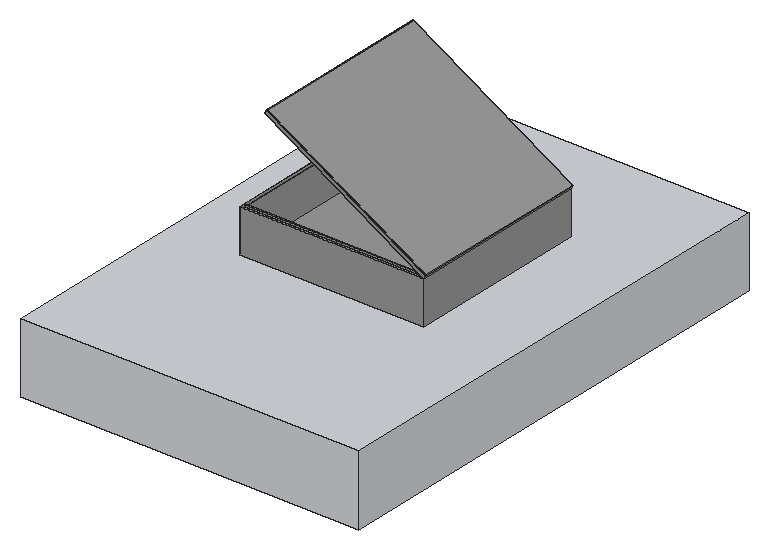
Revit family "Hager-Univers-IP54-D205-H800-Cl.I-Encl-CH-fr", category Equipement électrique, Revit 2020
Family settings
  Hôte = Face
  Configuration du panneau = Deux colonnes, circuits au sein
  Cote de connecteur circulaire = Utiliser le diamètre
  Type d'élément = Tableau de raccordement
  Couper avec des vides une fois chargée = Non
  Partagée = Non
  Point de calcul de pièce = Non
Parameters (values of type "saillie IP54 L800 H800 P205  - FP53TW2")
  Width Control [instance] = if([EF000008 - largeur] > Min Width, [EF000008 - largeur], Min Width)  # 800 mm
  Commentaires du type = [HG000003 - Gamme]  # "Univers"
  Thickness Door [instance] = if([EF009171 - épaisseur de matériau de la porte/du couvercle] > 3 mm, 3 mm, [EF009171 - épaisseur de matériau de la porte/du couvercle])  # 1 mm
  Seal Frame Offset [instance] = 17 mm  # constant formula
  Plinth Visibility [instance] = [HG000027 - Hauteur du socle] > 0 mm  # no
  Model = ""
  Min Width [instance] = 100 mm  # constant formula
  Min Height [instance] = 100 mm  # constant formula
  Min Depth [instance] = (2 * [EF009170 - épaisseur de matériau du boîtier]) + 1 mm  # 3 mm
  Internal Frame Depth [instance] = (Door System Depth * 0.5)  # 9 mm
  Height Control [instance] = if([EF000040 - hauteur] > Min Height, [EF000040 - hauteur], Min Height)  # 800 mm
  HG000027 - Hauteur du socle = 0 mm
  HG000026 - Installation au sol = no
  HG000024 - Hauteur de la section basse = 800 mm
  HG000023 - Armoire double section = no
  HG000016 - Visibilité de la porte 3D [instance] = yes
  HG000015 - Visibilité de l'emprise de la porte [instance] = no
  HG000014 - Porte à droite [instance] = yes
  HG000013 - Porte à gauche [instance] = not([HG000014 - Porte à droite])  # no
  HG000012 - Angle de pivotement de la porte [instance] = 30.00°
  HG000010 - Portes asymétriques = no
  HG000009 - Porte à double battant = no
  HG000006 - Encastré = no
  HG000004 - Référence fabricant = "FP53TW2"
  HG000003 - Gamme = "Univers"
  HG000002 - avec porte = yes
  Frame Offset Bottom [instance] = 10 mm  # constant formula
  Frame Offset [instance] = 15 mm  # constant formula
  EF015940 - couvercle avec décharge de pression = no
  EF011959 - degré de protection (NEMA) = ""
  EF009554 - nombre d'ouvertures pour plaques à bride = 6
  Fabricant = "Hager"  # constant formula
  EF009212 - finition du couvercle = "EV000116 - fermé"
  EF009171 - épaisseur de matériau de la porte/du couvercle = 1 mm
  EF009170 - épaisseur de matériau du boîtier = 1 mm
  EF008873 - courant nominal (In) = 250 A
  EF007800 - adapté à un parafoudre = no
  EF006306 - avec serrure = no
  EF006244 - couvercle/porte transparent(e) = no
  EF005474 - indice de protection (IP) = "EV006419 - IP54"
  EF004464 - type de porte = "EV002646 - unique"
  EF004427 - nombre de modules = 180
  EF004293 - indice de protection contre les chocs (IK) = "EV006815 - IK09"
  EF003532 - convient pour utilisation à l’extérieur = no
  EF002950 - largeur en nombre de modules = 36
  EF001613 - maintien de fonction = "EV000494 - sans"
  EF001596 - matériau du boîtier/corps = "EV000179 - acier"
  EF001131 - profondeur intérieure = 205 mm
  EF001088 - possibilité de montage en saillie = yes
  EF000437 - nombre d'entrées de conduit = 6
  EF000339 - type de capot = "EV001012 - couvercle"
  EF000266 - nombre de rangées = 5
  EF000218 - profondeur d'encastrement = 205 mm
  EF000118 - avec cadre/support de montage = no
  EF000116 - numéro RAL = "9010"
  EF000049 - profondeur = 205 mm
  EF000040 - hauteur = 800 mm
  EF000008 - largeur = 800 mm
  EF000007 - couleur = "EV000202 - blanc"
  EF000003 - mode de pose = "EV000384 - saillie"
  Door System Leaf Tolerance [instance] = 1.5 mm  # constant formula
  Door System Depth [instance] = 18 mm  # constant formula
  Door Height [instance] = Height Control - [HG000027 - Hauteur du socle]  # 800 mm
  Depth Control [instance] = if([EF000049 - profondeur] > Min Depth, [EF000049 - profondeur], Min Depth)  # 205 mm
  Default Elevation = 0 mm
  Connector Offset [instance] = Height Control / 2  # 400 mm
  Bottom Top Plate Trim [instance] = 1.5 mm  # constant formula
  Plinth height Ctrl [instance] = if([HG000027 - Hauteur du socle] > 0 mm, [HG000027 - Hauteur du socle], 12 mm)  # 12 mm
Types (5, lengths in mm): name | Width Control | HG000004 - Référence fabricant | EF009554 - nombre d'ouvertures pour plaques à bride | EF004464 - type de porte | EF004427 - nombre de modules | EF002950 - largeur en nombre de modules | EF000437 - nombre d'entrées de conduit | EF000008 - largeur
  saillie IP54 L1050 H800 P205  - FP54TW2 | 1050 | "FP54TW2" | 8 | "EV003602 - double" | 240 | 48 | 8 | 1050
  saillie IP54 L1300 H800 P205  - FP55TW2 | 1300 | "FP55TW2" | 10 | "EV003602 - double" | 300 | 60 | 10 | 1300
  saillie IP54 L300 H800 P205  - FP51TW2 | 300 | "FP51TW2" | 2 | "EV002646 - unique" | 60 | 12 | 2 | 300
  saillie IP54 L550 H800 P205  - FP52TW2 | 550 | "FP52TW2" | 4 | "EV002646 - unique" | 120 | 24 | 4 | 550
  saillie IP54 L800 H800 P205  - FP53TW2 | 800 | "FP53TW2" | 6 | "EV002646 - unique" | 180 | 36 | 6 | 800
Reference planes
  plane 1 "Center (Front/Back)": y = 0
  plane 2: z = 0
  plane 3 "Center (Left/Right)": x = 0
  plane 4: z = 205
  plane 5: y = 1
  plane 6: y = 400
  plane 7: y = 0
  plane 8: y = 800
  plane 9: z = 0
  plane 10: x = -385
  plane 11: x = 385
  plane 12: x = 384
  plane 13: x = -384
  plane 14: y = 799
  plane 15: x = -383
  plane 16: x = -400
  plane 17: x = 383
  plane 18: x = 400
  plane 19: x = 399
  plane 20: x = -399
  plane 21: y = 11
  plane 22: y = 800
  plane 23: y = 784
  plane 24: z = 187
  plane 25: z = 1
  plane 26: z = 186
  plane 27: z = 204
Forms (mm)
  Extrusion 1, solid
    sketch origin (0, 0, 0) x (1, 0, 0) y (0, 1, 0)
      loop
        line (-702.964, 1305) -> (-702.964, -811.445) -> (766.763, -811.445) -> (766.763, 1305) -> (-702.964, 1305)
    from 0 to -304.8
  Extrusion 2, solid, material "Hager_Steel_RAL7035_Light_Grey", visible <- "Plinth Visibility", detail levels medium+fine
    sketch origin (0, 0, 0) x (1, 0, 0) y (0, 1, 0)
      loop
        line (-400, 0) -> (400, 0) -> (400, 12) -> (-400, 12) -> (-400, 0)
    from 0 to 187
  Extrusion 3, solid, material "Hager_Steel_RAL7035_Light_Grey", detail levels medium+fine
    sketch origin (0, 0, 0) x (1, 0, 0) y (0, 1, 0)
      loop
        line (-400, 0) -> (400, 0) -> (400, 800) -> (-400, 800) -> (-400, 0)
    from 0 to 187
  Extrusion 4, void
    sketch origin (0, 0, 0) x (1, 0, 0) y (0, 1, 0)
      loop
        line (-399, 1) -> (399, 1) -> (399, 799) -> (-399, 799) -> (-399, 1)
    from 1 to 186
  Extrusion 5, void
    sketch origin (-381.607, -4572, 187) x (0, -1, 0) y (-1, 0, 0)
      loop
        line (-4583, 2.393) -> (-5356, 2.393) -> (-5356, -765.607) -> (-4583, -765.607) -> (-4583, 2.393)
    from 0 to 1 <- "EF009170 - épaisseur de matériau du boîtier"
  Extrusion 6, solid, material "Hager_Steel_RAL7035_Light_Grey", detail levels fine
    sketch origin (0, 0, 187) x (1, 0, 0) y (0, 1, 0)
      loop
        line (-384, 784) -> (-384, 11) -> (384, 11) -> (384, 784) -> (-384, 784)
      loop
        line (-385, 10) -> (385, 10) -> (385, 785) -> (-385, 785) -> (-385, 10)
    from 0 to 9 <- "Internal Frame Depth"
  Extrusion 7, solid, material "Hager_Steel_RAL7035_Light_Grey", detail levels coarse
    sketch origin (0, 0, 0) x (1, 0, 0) y (0, 1, 0)
      loop
        line (-400, 0) -> (400, 0) -> (400, 800) -> (-400, 800) -> (-400, 0)
    from 0 to 205
  Sweep 8, void
    path in 3D
      loop
        line (-400, 12, 0) -> (400, 12, 0) -> (400, 12, 187) -> (-400, 12, 187) -> (-400, 12, 0)
    profile origin (-400, 12, 93.5) x (-1, 0, 0) y (0, -1, 0)
      loop
        line (0, 0) -> (0, 1.5) -> (-1.5, 1.5)
        arc (-1.5, 1.5) -> (-1.061, 0.439) -> (0, 0) r 1.5
Cuts and joins
  Extrusion 4, Extrusion 5 cuts Extrusion 3
  Sweep 8 cuts Extrusion 2
Lines and regions (mm)
  Masking region 1
    outline origin (0, 0, 0) x (1, 0, 0) y (0, 0, 1)
      loop
        line (-400, 205) -> (-400, 0) -> (400, 0) -> (400, 205) -> (-400, 205)
  Masking region 2, detail levels medium+fine
    outline origin (0, 140, 0) x (0, 1, 0) y (0, 0, 1)
      loop
        line (-140, 0) -> (660, 0) -> (660, 187) -> (-140, 187) -> (-140, 0)
  Masking region 3, not visible, detail levels medium+fine
    outline origin (0, 297.922, 0) x (0, 1, 0) y (0, 0, 1)
      loop
        line (113.578, 0) -> (153.578, 0) -> (153.578, 194)
        arc (153.578, 194) -> (150.649, 201.071) -> (143.578, 204) r 10
        line (143.578, 204) -> (113.578, 204) -> (113.578, 0)
  Masking region 4, detail levels coarse
    outline origin (0, 0, 180) x (0, 1, 0) y (0, 0, 1)
      loop
        line (0, -180) -> (800, -180) -> (800, 25) -> (0, 25) -> (0, -180)
  Masking region 5, visible <- "Plinth Visibility", detail levels medium+fine
    outline origin (0, 52.24, 12.345) x (0, 0, -1) y (0, 1, 0)
      loop
        line (10.845, -40.24) -> (-173.155, -40.24)
        arc (-173.155, -40.24) -> (-173.594, -41.301) -> (-174.655, -41.74) r 1.5
        line (-174.655, -41.74) -> (-174.655, -52.24) -> (12.345, -52.24) -> (12.345, -41.74)
        arc (12.345, -41.74) -> (11.285, -41.301) -> (10.845, -40.24) r 1.5
  Masking region 6, detail levels medium+fine
    outline origin (-381.607, -4572, 187) x (-1, 0, 0) y (0, -1, 0)
      loop
        line (18.393, -5372) -> (18.393, -4572) -> (-781.607, -4572) -> (-781.607, -5372) -> (18.393, -5372)
  Masking region 7, visible <- "Plinth Visibility", detail levels medium+fine
    outline origin (-381.607, -4727, 187) x (-1, 0, 0) y (0, -1, 0)
      loop
        arc (16.893, -4739) -> (17.332, -4737.939) -> (18.393, -4737.5) r 1.5
        line (18.393, -4737.5) -> (18.393, -4727) -> (-781.607, -4727) -> (-781.607, -4737.5)
        arc (-781.607, -4737.5) -> (-780.546, -4737.939) -> (-780.107, -4739) r 1.5
        line (-780.107, -4739) -> (16.893, -4739)
  Masking region 8, detail levels coarse
    outline origin (-442.548, -4669.526, 187) x (-1, 0, 0) y (0, -1, 0)
      loop
        line (-42.548, -5469.526) -> (-42.548, -4669.526) -> (-842.548, -4669.526) -> (-842.548, -5469.526) -> (-42.548, -5469.526)
  sketch lines
    curve 1: line (-400, 12, 187) -> (-400, 12, 0)
    curve 2: line (400, 12, 187) -> (-400, 12, 187)
    curve 3: line (400, 12, 187) -> (400, 12, 0)
    curve 4: line (-400, 12, 0) -> (400, 12, 0)
Dimensions and locks
  "Depth Control": plane 4 to Extrusion 1
  "HG000027 - Hauteur du socle": plane 1 "Center (Front/Back)" to plane 7
  "EF009170 - épaisseur de matériau du boîtier": plane 5 to plane 7
  locked: connector elem to plane 3 "Center (Left/Right)"
  equal spacing: plane 8, plane 6, plane 7
  locked: connector elem to plane 6
  "EF009170 - épaisseur de matériau du boîtier": plane 8 to plane 14
  "EF009170 - épaisseur de matériau du boîtier": plane 10 to plane 13
  "EF009170 - épaisseur de matériau du boîtier": plane 12 to plane 11
  "Frame Offset": plane 20 to plane 13
  "Frame Offset": plane 12 to plane 19
  "EF009170 - épaisseur de matériau du boîtier": plane 16 to plane 20
  "EF009170 - épaisseur de matériau du boîtier": plane 19 to plane 18
  "Seal Frame Offset": plane 16 to plane 15
  "Seal Frame Offset": plane 17 to plane 18
  "Frame Offset Bottom": plane 21 to plane 5
  "Frame Offset": plane 14 to plane 23
  equal spacing: plane 16, plane 3 "Center (Left/Right)", plane 18
  "Width Control": plane 16 to plane 18
  "EF009170 - épaisseur de matériau du boîtier": plane 4 to plane 27
  "EF009170 - épaisseur de matériau du boîtier": plane 24 to plane 26
  "EF009170 - épaisseur de matériau du boîtier": plane 25 to level
  "Door System Depth": plane 4 to plane 24
  "Height Control": plane 1 "Center (Front/Back)" to Extrusion 7 sketch curve
  "Height Control": Masking region 4 sketch curve to plane 1 "Center (Front/Back)"
  "Height Control": plane 1 "Center (Front/Back)" to plane 22
  "Bottom Top Plate Trim": profile plane to Sweep 8 sketch curve
  "Bottom Top Plate Trim": Sweep 8 sketch curve to profile plane
  "Plinth height Ctrl": plane 1 "Center (Front/Back)" to Extrusion 2 sketch curve
  "Plinth height Ctrl": Masking region 5 sketch curve to plane 1 "Center (Front/Back)"
  "Plinth height Ctrl": plane 1 "Center (Front/Back)" to Masking region 7 sketch curve
  "Thickness Door": Extrusion 6 sketch curve to Extrusion 6 sketch curve  (x3)
  "Thickness Door": cut or joined group of Extrusion 3, Extrusion 4, Extrusion 5 to Extrusion 6 sketch curve
  radius of Masking region 3 sketch curve = 10 mm
  "Bottom Top Plate Trim": radius of Masking region 5 sketch curve  (x2)
  "Bottom Top Plate Trim": radius of Sweep 8 sketch curve
  "Bottom Top Plate Trim": radius of Masking region 7 sketch curve  (x2)
  aligned and locked: plane 2 to Extrusion 1
  aligned and locked: level to Extrusion 1
  aligned and locked: level to Masking region 1 sketch curve
  aligned and locked: Masking region 1 sketch curve to plane 18
  aligned and locked: Masking region 1 sketch curve to plane 16
  aligned and locked: plane 7 to Masking region 2 sketch curve
  aligned and locked: level to Masking region 3 sketch curve
  aligned and locked: Masking region 3 sketch curve to plane 27
  aligned and locked: level to Masking region 2 sketch curve
  aligned and locked: plane 1 "Center (Front/Back)" to Extrusion 2 sketch curve
  aligned and locked: Extrusion 3 sketch curve to plane 7
  aligned and locked: plane 16 to Extrusion 3 sketch curve
  aligned and locked: plane 18 to Extrusion 3 sketch curve
  aligned and locked: plane 20 to Extrusion 4 sketch curve
  aligned and locked: plane 19 to Extrusion 4 sketch curve
  aligned and locked: Extrusion 4 sketch curve to plane 5
  aligned and locked: Extrusion 4 to plane 25
  aligned and locked: plane 26 to Extrusion 4
  aligned and locked: plane 24 to Extrusion 3
  aligned and locked: Extrusion 5 sketch curve to plane 21
  aligned and locked: Extrusion 5 sketch curve to plane 13
  aligned and locked: Extrusion 5 sketch curve to plane 12
  aligned and locked: plane 18 to Extrusion 7 sketch curve
  aligned and locked: plane 1 "Center (Front/Back)" to Extrusion 7 sketch curve
  aligned and locked: plane 16 to Extrusion 7 sketch curve
  aligned and locked: plane 4 to Extrusion 7
  aligned and locked: Extrusion 7 to level
  aligned and locked: level to Masking region 4 sketch curve
  aligned and locked: Masking region 4 sketch curve to plane 1 "Center (Front/Back)"
  aligned and locked: Masking region 4 sketch curve to plane 4
  aligned and locked: nested 1 to level
  aligned and locked: nested 1 to plane 16
  aligned and locked: plane 8 to Extrusion 3 sketch curve
  aligned and locked: plane 23 to Extrusion 5 sketch curve
  aligned and locked: plane 14 to Extrusion 4 sketch curve
  aligned and locked: Masking region 2 sketch curve to plane 8
  aligned and locked: level to Masking region 5 sketch curve
  aligned and locked: plane 16 to Extrusion 2 sketch curve
  aligned and locked: plane 18 to Extrusion 2 sketch curve
  aligned and locked: Masking region 5 sketch curve to plane 24
  aligned and locked: Masking region 2 sketch curve to plane 24
  aligned and locked: plane 24 to Extrusion 2
  aligned and locked: profile plane to Sweep 8 sketch curve  (x2)
  aligned and locked: Masking region 6 sketch curve to plane 18
  aligned and locked: Masking region 6 sketch curve to plane 22
  aligned and locked: Masking region 6 sketch curve to plane 16
  aligned and locked: plane 8 to plane 22
  aligned and locked: Masking region 6 sketch curve to plane 7
  aligned and locked: Masking region 7 sketch curve to plane 16
  aligned and locked: Masking region 7 sketch curve to plane 1 "Center (Front/Back)"
  aligned and locked: Masking region 7 sketch curve to plane 18
  aligned and locked: Masking region 8 sketch curve to plane 1 "Center (Front/Back)"
  aligned and locked: Masking region 8 sketch curve to plane 18
  aligned and locked: Masking region 8 sketch curve to plane 22
  aligned and locked: Masking region 8 sketch curve to plane 16
  aligned and locked: nested 2 to plane 7
  aligned and locked: plane 3 "Center (Left/Right)" to nested 2
  aligned and locked: nested 2 to plane 24
  aligned and locked: Extrusion 6 sketch curve to cut or joined group of Extrusion 3, Extrusion 4, Extrusion 5  (x4)
Automatic sketch dimensions
  Extrusion 1 sketch curve to Extrusion 1 sketch curve = 1469.727 mm
  Extrusion 1 sketch curve to Extrusion 1 sketch curve = 2116.445 mm
  Masking region 1 sketch curve to plane 4 = 0 mm
  plane 6 to Masking region 3 sketch curve = 11.5 mm
  Masking region 3 sketch curve to Masking region 3 sketch curve = 30 mm
  Masking region 5 sketch curve to plane 1 "Center (Front/Back)" = 0 mm
Nested families
  nested 1: "Hager_Enclosure_Symbol" at (-400, 0, 0) x (1, 0, 0) z (0, -1, 0), Height <- "Depth Control", Width <- "Width Control", type "Hager_Enclosure_Symbol"
    with Width_Ctrl 800 mm, Width 800 mm, Height_Ctrl 205 mm, Height 205 mm, A_Width_Int 13.453 mm, A_Width 161.438 mm, A_Height_Ctrl 179.375 mm, A_Height 179.375 mm
  nested 2: "EC000058_Univers_Door" at (0, 0, 187) x (1, 0, 0) z (0, 1, 0), Leaf_Tolerance <- "Door System Leaf Tolerance", Angle <- "HG000012 - Angle de pivotement de la porte", Door_Depth <- "Door System Depth", Door_Left <- "HG000013 - Porte à gauche", Transparent <- "EF006244 - couvercle/porte transparent(e)", Assymetrical <- "HG000010 - Portes asymétriques", Width <- "Width Control", Clearance <- "HG000015 - Visibilité de l'emprise de la porte", Double <- "HG000009 - Porte à double battant", 3d_Door <- "HG000016 - Visibilité de la porte 3D", Lock_Visibility <- "EF006306 - avec serrure", Width_Ctrl <- "Width Control", Door_Right <- "HG000014 - Porte à droite", Door <- "HG000002 - avec porte", Height <- "Door Height", Thickness <- "Thickness Door", type "EC000058_Univers_Door", detail levels medium+fine
    with min_wh 3 mm, Width_Ctrl 800 mm, Width 800 mm, Transparent no, Thickness 1 mm, Seal_Material Hager_Rubber, Lock_Visibility no, Lock_Material Hager_Plastic_RAL9005_Jet_Black, Leaf_Width 800 mm, Leaf_Tolerance_External_Sides 0 mm, Leaf_Tolerance 1.5 mm, Leaf_Offset 0 mm, Leaf_Height 797 mm, Leaf_2_Width 800 mm, Leaf_2_Offset 400 mm, Leaf_1_Width 800 mm, Leaf_1_Offset 400 mm, Height_Ctrl 800 mm, Height 800 mm, Glass_Material Hager_Glass, Double_Clearance_Ctrl no, Double no, Door_Right_Ctrl yes, Door_Right yes, Door_Material Hager_Steel_RAL7035_Light_Grey, Door_Left_Ctrl no, Door_Left no, Door_Depth 18 mm, Door yes, Clearance_Material Hager_Clearance, Clearance_Depth 800 mm, Clearance_Ctrl no, Clearance no, Assymetrical no, Angle 30.00°, 3d_Door yes
Connectors
  electrical at (0, 400, 0)
    settings: on plane 9, index 1, voltage 0 V, apparent load 0 VA, apparent load phase1 0 VA, apparent load phase2 0 VA, apparent load phase3 0 VA, power factor 1, load classification "Other", number of poles 1, system type 30, power factor state 1, is connector primary yes, connector utility no, sub classification motor no, connector description ""
Definition of nested family "EC000058_Univers_Door"
  Parameters (values of type "EC000058_Univers_Door")
    min_wh [instance] = (2 * Thickness) + 1 mm  # 11 mm
    Width_Ctrl [instance] = 400 mm
    Width [instance] = 500 mm
    Transparent [instance] = yes
    Thickness [instance] = 5 mm
    Seal_Material [instance] = none
    Lock_Visibility [instance] = yes
    Lock_Material [instance] = none
    Leaf_Width [instance] = if((Width_Ctrl - 2 * Leaf_Tolerance_External_Sides) > 0 mm, (Width_Ctrl - 2 * Leaf_Tolerance_External_Sides), min_wh)  # 400 mm
    Leaf_Tolerance_External_Sides [instance] = 0 mm  # constant formula
    Leaf_Tolerance [instance] = 1.5 mm
    Leaf_Offset [instance] = 0 mm  # constant formula
    Leaf_Height [instance] = if((Height_Ctrl - 2 * Leaf_Tolerance) > 0 mm, (Height_Ctrl - 2 * Leaf_Tolerance), min_wh)  # 497 mm
    Leaf_2_Width [instance] = if(and(and(Double, Assymetrical), Door_Left), (Leaf_Width / 3) - (Leaf_Tolerance / 2), if(and(and(Double, Assymetrical), Door_Right), (Leaf_Width / 3) * 2 - (Leaf_Tolerance / 2), if(and(Double, not(Assymetrical)), (Leaf_Width / 2) - Leaf_Tolerance, Leaf_Width)))  # 400 mm
    Leaf_2_Offset [instance] = if(and(Double, Assymetrical), Leaf_2_Width / 2, if(and(Double, not(Assymetrical)), Leaf_Width / 4, Leaf_Width / 2))  # 200 mm
    Leaf_1_Width [instance] = if(and(and(Double, Assymetrical), Door_Right), (Leaf_Width / 3) - (Leaf_Tolerance / 2), if(and(and(Double, Assymetrical), Door_Left), (Width / 3) * 2 - (Leaf_Tolerance / 2), if(and(Double, not(Assymetrical)), (Leaf_Width / 2) - Leaf_Tolerance, Leaf_Width)))  # 400 mm
    Leaf_1_Offset [instance] = if(and(Double, Assymetrical), Leaf_1_Width / 2, if(and(Double, not(Assymetrical)), Leaf_Width / 4, Leaf_Width / 2))  # 200 mm
    Height_Ctrl [instance] = if(Height > min_wh, Height, min_wh)  # 500 mm
    Height [instance] = 500 mm
    Glass_Material [instance] = none
    Double_Clearance_Ctrl [instance] = and(Double, Clearance)  # no
    Double [instance] = no
    Door_Right_Ctrl [instance] = and(or(Door_Right, Double), Door)  # yes
    Door_Right [instance] = yes
    Door_Material [instance] = none
    Door_Left_Ctrl [instance] = and(or(Door_Left, Double), Door)  # no
    Door_Left [instance] = no
    Door_Depth [instance] = 30 mm
    Door [instance] = yes
    Default Elevation = 1219.2 mm
    Clearance_Material [instance] = none
    Clearance_Depth [instance] = if(Leaf_1_Width > Leaf_2_Width, Leaf_1_Width, Leaf_2_Width)  # 400 mm
    Clearance_Ctrl [instance] = and(not(Double), Clearance)  # yes
    Clearance [instance] = yes
    Assymetrical [instance] = yes
    Angle [instance] = 30.00°
    3d_Door [instance] = yes
  Reference planes
    plane 1 "Center (Front/Back)": y = 0
    plane 2 "Bottom": z = 0
    plane 3 "Center (Left/Right)": x = 0
    plane 4: z = 500
    plane 5: x = -200
    plane 6: x = 200
    plane 7: z = 500
    plane 8: x = -200
    plane 9: z = 0
    plane 10: x = 200
    plane 11: y = 0
    plane 12: z = 1.5
    plane 13: x = -600
    plane 14: y = -400
    plane 15: x = 600
    plane 16: x = 0
    plane 17: x = 0
    plane 18: x = -200
    plane 19: x = 200
    plane 20: z = 498.5
  Forms (mm)
    Extrusion 1, solid, material <- "Clearance_Material", visible <- "Double_Clearance_Ctrl"
      sketch origin (1200, 0, 0) x (1, 0, 0) y (0, 0, -1)
        loop
          line (-1800, -498.5) -> (-600, -498.5) -> (-600, 0) -> (-1800, 0) -> (-1800, -498.5)
      from 0 to -400
  Dimensions and locks
    equal spacing: plane 5, plane 3 "Center (Left/Right)", plane 6
    "Width_Ctrl": plane 5 to plane 6
    "Leaf_Offset": plane 5 to plane 8
    "Leaf_Offset": plane 6 to plane 10
    "Leaf_Offset": plane 9 to level
    "Leaf_Offset": plane 4 to plane 7
    "Height_Ctrl": plane 4 to level
    "Leaf_Tolerance": plane 12 to plane 9
    locked: plane 11 to plane 1 "Center (Front/Back)"
    "Leaf_1_Offset": plane 18 to plane 16
    "Leaf_2_Offset": plane 17 to plane 19
    "Leaf_1_Width": plane 13 to plane 8
    "Leaf_2_Width": plane 10 to plane 15
    "Clearance_Depth": plane 14 to plane 1 "Center (Front/Back)"
    "Leaf_Tolerance_External_Sides": plane 8 to plane 18
    "Leaf_Tolerance_External_Sides": plane 19 to plane 10
    "Leaf_Tolerance": plane 7 to plane 20
    aligned and locked: level to plane 2 "Bottom"
    aligned and locked: nested 1 to plane 16
    aligned and locked: nested 2 to plane 17
    aligned and locked: Extrusion 1 to plane 13
    aligned and locked: plane 15 to Extrusion 1
    aligned and locked: Extrusion 1 to plane 14
    aligned and locked: plane 12 to nested 1
    aligned and locked: nested 2 to plane 12
    aligned and locked: Extrusion 1 to plane 11
    aligned and locked: plane 20 to Extrusion 1
    aligned and locked: nested 2 to plane 11
    aligned and locked: nested 1 to plane 11
  Automatic sketch dimensions
    Extrusion 1 sketch curve to level = 0 mm
    plane 5 to Extrusion 1 sketch curve = 400 mm
    plane 6 to Extrusion 1 sketch curve = 400 mm
    Extrusion 1 sketch curve to plane 4 = 1.5 mm
  Nested families
    nested 1: "EC000058_Univers_Door_Leaf" at (0, 0, 1.5), Width <- "Leaf_1_Width", visible <- "Door_Left_Ctrl", Leaf_Height <- "Leaf_Height", Angle <- "Angle", 3d_Door <- "3d_Door", Transparent <- "Transparent", Clearance Material <- "Clearance_Material", Clearance <- "Clearance_Ctrl", Door_Material <- "Door_Material", Glass_Material <- "Glass_Material", Door_Depth <- "Door_Depth", Lock_Material <- "Lock_Material", Seal_Material <- "Seal_Material", Lock_Visibility <- "Lock_Visibility", Thickness <- "Thickness", type "EC000058_Univers_Door_Leaf"
      with Width 400 mm, Transparent_Glass_Offset 30 mm, Transparent_Ctrl yes, Transparent yes, Thickness 5 mm, Standard no, Seal_Material none, Seal_D2 8 mm, Seal_D1 1 mm, Offset_Internal_Frame 10 mm, Lock_Width 20 mm, Lock_Visibility_3d yes, Lock_Visibility yes, Lock_Thickness_3 3 mm, Lock_Thickness_2 1 mm, Lock_Thickness_1 3 mm, Lock_Radius_Offset_2 16 mm, Lock_Radius_Offset_1 15 mm, Lock_Radius_2 5 mm, Lock_Radius 6 mm, Lock_Offset 5 mm, Lock_Material none, Lock_Height 80 mm, Lock_Cover_Top_Offset_2d 17 mm, Lock_Cover_Height -65 mm, Leaf_Height 497 mm, Internal_Seal_Thickness 8 mm, Internal_Seal_Depth_2 4.5 mm, Internal_Frame_Depth 25 mm, Glass_Thickness -1 mm, Glass_Offset -2 mm, Glass_Material none, Door_Material none, Door_Depth 30 mm, Clearance Material none, Clearance yes, Angle_Ctrl 30.00°, Angle 30.00°, 3d_Door yes
    nested 2: "EC000058_Univers_Door_Leaf" at (0, 0, 1.5) x (-1, 0, 0) z (0, 0, 1), Width <- "Leaf_2_Width", visible <- "Door_Right_Ctrl", Leaf_Height <- "Leaf_Height", Angle <- "Angle", 3d_Door <- "3d_Door", Transparent <- "Transparent", Clearance Material <- "Clearance_Material", Clearance <- "Clearance_Ctrl", Door_Material <- "Door_Material", Glass_Material <- "Glass_Material", Door_Depth <- "Door_Depth", Lock_Material <- "Lock_Material", Seal_Material <- "Seal_Material", Lock_Visibility <- "Lock_Visibility", Thickness <- "Thickness", type "EC000058_Univers_Door_Leaf"
      with Width 400 mm, Transparent_Glass_Offset 30 mm, Transparent_Ctrl yes, Transparent yes, Thickness 5 mm, Standard no, Seal_Material none, Seal_D2 8 mm, Seal_D1 1 mm, Offset_Internal_Frame 10 mm, Lock_Width 20 mm, Lock_Visibility_3d yes, Lock_Visibility yes, Lock_Thickness_3 3 mm, Lock_Thickness_2 1 mm, Lock_Thickness_1 3 mm, Lock_Radius_Offset_2 16 mm, Lock_Radius_Offset_1 15 mm, Lock_Radius_2 5 mm, Lock_Radius 6 mm, Lock_Offset 5 mm, Lock_Material none, Lock_Height 80 mm, Lock_Cover_Top_Offset_2d 17 mm, Lock_Cover_Height -65 mm, Leaf_Height 497 mm, Internal_Seal_Thickness 8 mm, Internal_Seal_Depth_2 4.5 mm, Internal_Frame_Depth 25 mm, Glass_Thickness -1 mm, Glass_Offset -2 mm, Glass_Material none, Door_Material none, Door_Depth 30 mm, Clearance Material none, Clearance yes, Angle_Ctrl 30.00°, Angle 30.00°, 3d_Door yes
  Definition of nested family "EC000058_Univers_Door_Leaf"
    Parameters (values of type "EC000058_Univers_Door_Leaf")
      Width [instance] = 2000 mm
      Transparent_Glass_Offset [instance] = 30 mm
      Transparent_Ctrl [instance] = and(Transparent, [3d_Door])  # yes
      Transparent [instance] = yes
      Thickness [instance] = 5 mm
      Standard [instance] = and(not(Transparent), [3d_Door])  # no
      Seal_Material [instance] = none
      Seal_D2 [instance] = 8 mm  # constant formula
      Seal_D1 [instance] = 1 mm  # constant formula
      Offset_Internal_Frame [instance] = 10 mm  # constant formula
      Lock_Width [instance] = 20 mm  # constant formula
      Lock_Visibility_3d [instance] = and(Lock_Visibility, [3d_Door])  # yes
      Lock_Visibility [instance] = yes
      Lock_Thickness_3 [instance] = 3 mm  # constant formula
      Lock_Thickness_2 [instance] = 1 mm  # constant formula
      Lock_Thickness_1 [instance] = 3 mm  # constant formula
      Lock_Radius_Offset_2 [instance] = Lock_Radius_Offset_1 + 1 mm  # 16 mm
      Lock_Radius_Offset_1 [instance] = 15 mm  # constant formula
      Lock_Radius_2 [instance] = Lock_Radius - 1 mm  # 5 mm
      Lock_Radius [instance] = 6 mm  # constant formula
      Lock_Offset [instance] = 5 mm  # constant formula
      Lock_Material [instance] = none
      Lock_Height [instance] = 80 mm  # constant formula
      Lock_Cover_Top_Offset_2d [instance] = Lock_Radius_Offset_2 + 1 mm  # 17 mm
      Lock_Cover_Height [instance] = -(Lock_Height - Lock_Radius_Offset_1)  # -65 mm
      Leaf_Height [instance] = 2720.336 mm
      Internal_Seal_Thickness [instance] = 8 mm  # constant formula
      Internal_Seal_Depth_2 [instance] = 4.5 mm  # constant formula
      Internal_Frame_Depth [instance] = if(Door_Depth - Thickness > 5 mm, Door_Depth - Thickness, 5 mm)  # 25 mm
      Glass_Thickness [instance] = if(Thickness > 15 mm, Glass_Offset + 10 mm, -1 mm)  # -1 mm
      Glass_Offset [instance] = if(Thickness > 15 mm, -(Thickness + 10 mm) / 2, -2 mm)  # -2 mm
      Glass_Material [instance] = none
      Door_Material [instance] = none
      Door_Depth [instance] = 30 mm
      Default Elevation = 0 mm
      Clearance Material [instance] = none
      Clearance [instance] = yes
      Angle_Ctrl [instance] = if(Angle > 180.00°, 180.00°, Angle)  # 90.00°
      Angle [instance] = 90.00°
      3d_Door [instance] = yes
    Reference planes
      plane 1 "Center (Front/Back)": y = 0
      plane 2: z = 0
      plane 3 "Center (Left/Right)": x = 0
      plane 4: y = 2000
      plane 5: x = -1000
      plane 6: x = 1000
      plane 7: x = -3000
      plane 8: z = 2720.336
      plane 9: z = 30
      plane 10: z = 2690.336
      plane 11: x = 970
      plane 12: x = -970
      plane 13: y = -3
      plane 14: z = 107.833
      plane 15: y = -5
      plane 16: y = -223.314
      plane 17: x = -1000
      plane 18: z = 1360.168
      plane 19: y = 30
    Forms (mm)
      Extrusion 1, solid, material <- "Clearance Material", visible <- "Clearance"
        sketch origin (0, 0, 0) x (1, 0, 0) y (0, 0, 1)
          loop
            line (-3000, 2720.336) -> (-3000, 0) -> (1000, 0) -> (1000, 2720.336) -> (-3000, 2720.336)
        from 0 to -2000
      Extrusion 2, solid, material <- "Door_Material", visible <- "Standard", detail levels medium+fine
        sketch origin (-1000, 0, 0) x (0, 1, 0) y (-1, 0, 0)
          loop
            line (0, 30) -> (0, 25) -> (2000, 25) -> (2000, 30) -> (0, 30)
        from 0 to 2720.336 <- "Leaf_Height"
      Extrusion 3, solid, material <- "Door_Material", visible <- "Transparent_Ctrl", detail levels medium+fine
        sketch origin (-1000, 0, 0) x (0, 1, 0) y (-1, 0, 0)
          loop
            line (0, 25) -> (2000, 25) -> (2000, 30) -> (0, 30) -> (0, 25)
        from 0 to 2720.336 <- "Leaf_Height"
      Extrusion 4, void
        sketch origin (-1025, 2000, 0) x (0, 1, 0) y (0, 0, -1)
          loop
            line (-30, -2690.336) -> (-30, -30) -> (-1970, -30) -> (-1970, -2690.336) -> (-30, -2690.336)
        from 0 to 5 <- "Thickness"
      Sweep 5, solid, material <- "Seal_Material", visible <- "Transparent_Ctrl", detail levels fine
        path in 3D
          loop
            line (-1025, 30, 30) -> (-1025, 30, 2690.336) -> (-1025, 1970, 2690.336) -> (-1025, 1970, 30) -> (-1025, 30, 30)
        profile origin (-1025, 1000, 30) x (1, 0, 0) y (0, 0, 1)
          loop
            line (0, 0) -> (0, -8) -> (1, -8) -> (1, 0) -> (0, 0)
      Extrusion 6, solid, material <- "Glass_Material", visible <- "Transparent_Ctrl", detail levels medium+fine
        sketch origin (-1030, 0, 0) x (0, 1, 0) y (0, 0, -1)
          loop
            line (1970, -2690.336) -> (1970, -30) -> (30, -30) -> (30, -2690.336) -> (1970, -2690.336)
        from -2 <- "Glass_Offset" to -1 <- "Glass_Thickness"
      Extrusion 7, solid, material <- "Door_Material", visible <- "3d_Door", detail levels medium+fine
        sketch origin (-1025, 2000, 0) x (0, -1, 0) y (0, 0, -1)
          loop
            line (0, -2720.336) -> (2000, -2720.336) -> (2000, 0) -> (0, 0) -> (0, -2720.336)
          loop
            line (1995, -5) -> (5, -5) -> (5, -2715.336) -> (1995, -2715.336) -> (1995, -5)
        from 0 to 25 <- "Internal_Frame_Depth"
      Sweep 8, solid, material <- "Seal_Material", visible <- "Transparent_Ctrl", detail levels fine
        path in 3D
          loop
            line (-1025, 0, 0) -> (-1025, 2000, 0) -> (-1025, 2000, 2720.336) -> (-1025, 0, 2720.336) -> (-1025, 0, 0)
        profile origin (-1025, 0, 1360.168) x (1, 0, 0) y (0, 1, 0)
          loop
            line (0, 10) -> (2.975, 10)
            arc (2.975, 10) -> (4.053, 10.447) -> (4.5, 11.525) r 1.525
            line (4.5, 11.525) -> (4.5, 16.527)
            arc (4.5, 16.527) -> (4.069, 17.569) -> (3.027, 18) r 1.473
            line (3.027, 18) -> (0, 18) -> (0, 10)
      Extrusion 9, solid, material <- "Lock_Material", visible <- "Lock_Visibility_3d", detail levels fine
        sketch origin (-1030, 0, 0) x (0, 1, 0) y (0, 0, -1)
          loop
            arc (1993.5, -1400.168) -> (1994.561, -1399.729) -> (1995, -1398.668) r 1.5
            line (1995, -1398.668) -> (1995, -1320.168) -> (1975, -1320.168) -> (1975, -1398.668)
            arc (1975, -1398.668) -> (1975.439, -1399.729) -> (1976.5, -1400.168) r 1.5
            line (1976.5, -1400.168) -> (1993.5, -1400.168)
        from 3 <- "Lock_Thickness_1" to 0
      Blend 10, solid, material <- "Lock_Material", visible <- "Lock_Visibility_3d", detail levels fine
        base sketch origin (-1033, 0, 0) x (0, 1, 0) y (0, 0, -1)
          loop
            line (1975, -1320.168) -> (1975, -1398.668)
            arc (1975, -1398.668) -> (1975.439, -1399.729) -> (1976.5, -1400.168) r 1.5
            line (1976.5, -1400.168) -> (1993.5, -1400.168)
            arc (1993.5, -1400.168) -> (1994.561, -1399.729) -> (1995, -1398.668) r 1.5
            line (1995, -1398.668) -> (1995, -1320.168) -> (1975, -1320.168)
        top sketch origin (-1033, 0, 0) x (0, 1, 0) y (0, 0, -1)
          loop
            line (1976, -1320.168) -> (1976, -1398.668)
            arc (1976, -1398.668) -> (1976.146, -1399.022) -> (1976.5, -1399.168) r 0.5
            line (1976.5, -1399.168) -> (1993.5, -1399.168)
            arc (1993.5, -1399.168) -> (1993.854, -1399.022) -> (1994, -1398.668) r 0.5
            line (1994, -1398.668) -> (1994, -1320.168) -> (1976, -1320.168)
        from 0 to 1 <- "Lock_Thickness_2"
      Blend 11, solid, material <- "Lock_Material", visible <- "Lock_Visibility_3d", detail levels fine
        base sketch origin (-1034, 0, 0) x (0, 1, 0) y (0, 0, -1)
          loop
            line (1978, -1320.168) -> (1978, -1384.168)
            arc (1978, -1384.168) -> (1985, -1391.168) -> (1992, -1384.168) r 7
            line (1992, -1384.168) -> (1992, -1320.168) -> (1978, -1320.168)
        top sketch origin (-1034, 0, 0) x (0, 1, 0) y (0, 0, -1)
          loop
            line (1991, -1320.168) -> (1979, -1320.168) -> (1979, -1383.168)
            arc (1979, -1383.168) -> (1985, -1389.168) -> (1991, -1383.168) r 6
            line (1991, -1383.168) -> (1991, -1320.168)
        from 0 to 3 <- "Lock_Thickness_3"
      Extrusion 12, solid, material <- "Lock_Material", visible <- "Lock_Visibility_3d", detail levels fine
        sketch origin (-1030, 1975, 1320.168) x (1, 0, 0) y (0, -1, 0)
          loop
            line (-7, -19) -> (-7, -1) -> (0, -1) -> (0, 0) -> (-8, 0) -> (-8, -20) -> (0, -20) -> (0, -19) -> (-7, -19)
        from 0 to -65 <- "Lock_Cover_Height"
      Extrusion 13, void
        sketch origin (-1038, 1995, 1320.168) x (-1, 0, 0) y (0, 0, -1)
          loop
            line (-5, -65) -> (0, -65) -> (-5, -60) -> (-5, -65)
        from 0 to 20 <- "Lock_Width"
      Extrusion 14, void
        sketch origin (-1038, 1975, 1320.168) x (0, -1, 0) y (0, 0, -1)
          loop
            circle (-10, -15.995) r 6
          loop
            circle (-10, -15.995) r 5
        from 0 to 2
      Extrusion 15, solid, material <- "Lock_Material", visible <- "Lock_Visibility_3d", detail levels medium
        sketch origin (-1030, 0, 0) x (0, 1, 0) y (0, 0, -1)
          loop
            arc (1993.5, -1400.168) -> (1994.561, -1399.729) -> (1995, -1398.668) r 1.5
            line (1995, -1398.668) -> (1995, -1320.168) -> (1975, -1320.168) -> (1975, -1398.668)
            arc (1975, -1398.668) -> (1975.439, -1399.729) -> (1976.5, -1400.168) r 1.5
            line (1976.5, -1400.168) -> (1993.5, -1400.168)
        from 8 to 0
    Cuts and joins
      Extrusion 4 cuts Extrusion 3
      Extrusion 13, Extrusion 14 cuts Extrusion 9
      Extrusion 14 cuts Blend 11
      Extrusion 13, Extrusion 14 cuts Extrusion 12
      joined: Extrusion 9, Blend 10, Blend 11, Extrusion 12
      Extrusion 14 cuts Extrusion 15
    Lines and regions (mm)
      Masking region 1, visible <- "Lock_Visibility", detail levels fine
        outline origin (0, 0, 0) x (0, 1, 0) y (0, 0, 1)
          loop
            line (30, 1320.168) -> (33, 1320.168) -> (33, 1400.168) -> (30, 1400.168) -> (30, 1320.168)
      Masking region 2, visible <- "Lock_Visibility", detail levels fine
        outline origin (0, 3.143, 0) x (0, 1, 0) y (0, 0, 1)
          loop
            line (29.857, 1354.168) -> (30.857, 1354.168) -> (30.857, 1366.168) -> (29.857, 1366.168) -> (29.857, 1354.168)
      Masking region 3, detail levels medium+fine
        outline origin (0, 0, 0) x (0, 1, 0) y (0, 0, 1)
          loop
            line (0, 0) -> (30, 0) -> (30, 2720.336) -> (0, 2720.336) -> (0, 0)
      Masking region 4, detail levels medium+fine
        outline origin (0, 0, 0) x (1, 0, 0) y (0, 0, 1)
          loop
            line (-1000, 2720.336) -> (-1000, 0) -> (1000, 0) -> (1000, 2720.336) -> (-1000, 2720.336)
      Masking region 5, visible <- "Lock_Visibility", detail levels fine
        outline origin (-47.116, 0, 0) x (1, 0, 0) y (0, 0, 1)
          loop
            arc (1024.616, 1399.168) -> (1023.556, 1398.729) -> (1023.116, 1397.668) r 1.5
            line (1023.116, 1397.668) -> (1023.116, 1320.168) -> (1041.116, 1320.168) -> (1041.116, 1397.668)
            arc (1041.116, 1397.668) -> (1040.677, 1398.729) -> (1039.616, 1399.168) r 1.5
            line (1039.616, 1399.168) -> (1024.616, 1399.168)
      Masking region 6, visible <- "Lock_Visibility", detail levels medium+fine
        outline origin (-25, 0, 0) x (1, 0, 0) y (0, 0, 1)
          loop
            arc (1001.5, 1400.168) -> (1000.439, 1399.729) -> (1000, 1398.668) r 1.5
            line (1000, 1398.668) -> (1000, 1320.168) -> (1020, 1320.168) -> (1020, 1398.668)
            arc (1020, 1398.668) -> (1019.561, 1399.729) -> (1018.5, 1400.168) r 1.5
            line (1018.5, 1400.168) -> (1001.5, 1400.168)
      Masking region 7, visible <- "Lock_Visibility", detail levels fine
        outline origin (-73.735, 0, 0) x (1, 0, 0) y (0, 0, 1)
          loop
            line (1051.735, 1382.168) -> (1065.735, 1382.168) -> (1065.735, 1384.168)
            arc (1065.735, 1384.168) -> (1058.735, 1391.168) -> (1051.735, 1384.168) r 7
            line (1051.735, 1384.168) -> (1051.735, 1382.168)
      Masking region 8, visible <- "Lock_Visibility", detail levels fine
        outline origin (-73.735, 0, 0) x (1, 0, 0) y (0, 0, 1)
          loop
            line (1052.735, 1382.168) -> (1064.735, 1382.168) -> (1064.735, 1383.168)
            arc (1064.735, 1383.168) -> (1058.735, 1389.168) -> (1052.735, 1383.168) r 6
            line (1052.735, 1383.168) -> (1052.735, 1382.168)
      Masking region 9, visible <- "Lock_Visibility", detail levels fine
        outline origin (-25, 0, 0) x (1, 0, 0) y (0, 0, 1)
          loop
            line (1020, 1320.168) -> (1020, 1382.168) -> (1000, 1382.168) -> (1000, 1320.168) -> (1020, 1320.168)
      Masking region 10, detail levels medium+fine
        outline origin (0, 0, 0) x (1, 0, 0) y (0, 0, 1)
          loop
            circle (985, 1335.144) r 6
      Masking region 11, detail levels fine
        outline origin (0, 0, 0) x (1, 0, 0) y (0, 0, 1)
          loop
            circle (985, 1335.144) r 5
      Masking region 12, visible <- "Lock_Visibility", detail levels fine
        outline origin (0, 12.767, 0) x (0, 1, 0) y (0, 0, 1)
          loop
            line (20.233, 1320.168) -> (21.233, 1320.168) -> (21.233, 1399.168) -> (20.233, 1400.168) -> (20.233, 1320.168)
      Masking region 13, visible <- "Lock_Visibility", detail levels fine
        outline origin (0, 13.767, -10) x (0, 1, 0) y (0, 0, 1)
          loop
            line (20.233, 1330.168) -> (23.233, 1330.168) -> (23.233, 1399.168) -> (20.233, 1402.168) -> (20.233, 1330.168)
      Masking region 14, visible <- "Lock_Visibility", detail levels fine
        outline origin (0, 12.767, -10) x (0, 1, 0) y (0, 0, 1)
          loop
            line (20.233, 1330.168) -> (25.233, 1330.168) -> (25.233, 1399.305) -> (20.233, 1394.305) -> (20.233, 1330.168)
      Masking region 15, visible <- "Lock_Visibility", detail levels medium
        outline origin (0, 0, 0) x (0, 1, 0) y (0, 0, 1)
          loop
            line (30, 1320.168) -> (38, 1320.168) -> (38, 1400.168) -> (30, 1400.168) -> (30, 1320.168)
      Masking region 16, visible <- "Lock_Visibility", detail levels fine
        outline origin (-1000, 0, 0) x (0, 1, 0) y (-1, 0, 0)
          loop
            line (1975, 30) -> (1995, 30) -> (1995, 38) -> (1975, 38) -> (1975, 30)
          loop
            line (1979, 37) -> (1976, 37) -> (1976, 34) -> (1978, 34) -> (1979, 37)
          loop
            line (1994, 37) -> (1991, 37) -> (1992, 34) -> (1994, 34) -> (1994, 37)
      Masking region 17, visible <- "Lock_Visibility", detail levels medium
        outline origin (-1000, 0, 0) x (0, 1, 0) y (-1, 0, 0)
          loop
            line (1975, 30) -> (1995, 30) -> (1995, 38) -> (1975, 38) -> (1975, 30)
      symbolic lines
        curve 1: line (1000, 0, 0) -> (-3000, 0, 0)
        curve 2: arc (1000, 0, 0) -> (-1000, 2000, 0) -> (-3000, 0, 0) r 2000
        curve 4: line (-1030, 0, 0) -> (-1030, 2000, 0)
      reference lines
        curve 3: line (-1000, 0, 0) -> (-1000, 2000, 0)
      symbolic lines, detail levels medium+fine
        curve 5: line (-1030, 2000, 0) -> (-1025, 2000, 0)
        curve 7: line (-1025, 0, 0) -> (-1030, 0, 0)
        curve 8: line (-1025, 0, 0) -> (-1000, 0, 0)
        curve 9: line (-1000, 0, 0) -> (-1000, 2000, 0)
        curve 10: line (-1000, 2000, 0) -> (-1025, 2000, 0)
      symbolic lines, detail levels fine
        curve 6: line (-1025, 2000, 0) -> (-1025, 0, 0)
      sketch lines
        curve 11: line (-1025, 0, 2720.336) -> (-1025, 0, 0)
        curve 12: line (-1025, 2000, 0) -> (-1025, 0, 0)
        curve 13: line (-1025, 2000, 2720.336) -> (-1025, 2000, 0)
        curve 14: line (-1025, 0, 2720.336) -> (-1025, 2000, 2720.336)
        curve 15: line (-1025, 1970, 30) -> (-1025, 30, 30)
        curve 16: line (-1025, 30, 30) -> (-1025, 30, 2690.336)
        curve 17: line (-1025, 1970, 2690.336) -> (-1025, 1970, 30)
        curve 18: line (-1025, 30, 2690.336) -> (-1025, 1970, 2690.336)
      symbolic lines, visible <- "Transparent", detail levels medium+fine
        curve 19: line (-970, 0, 2690.336) -> (970, 0, 2690.336)
        curve 20: line (-970, 0, 30) -> (-970, 0, 2690.336)
        curve 21: line (970, 0, 30) -> (-970, 0, 30)
        curve 22: line (970, 0, 2690.336) -> (970, 0, 30)
    Dimensions and locks
      "Width": plane 1 "Center (Front/Back)" to plane 4
      equal spacing: plane 5, plane 3 "Center (Left/Right)", plane 6
      "Width": plane 5 to plane 6
      "Width": plane 7 to plane 5
      "Leaf_Height": plane 8 to level
      "Width": curve 5 to curve 3
      "Width": curve 3 to curve 3
      plane 8 to plane 10 = 30 mm
      plane 9 to level = 30 mm
      plane 12 to plane 5 = 30 mm
      plane 6 to plane 11 = 30 mm
      Extrusion 1 to Extrusion 4 sketch curve = 30 mm
      "Transparent_Glass_Offset": curve 3 to Extrusion 4 sketch curve
      "Transparent_Glass_Offset": Extrusion 4 sketch curve to cut or joined group of Extrusion 3, Extrusion 4  (x2)
      cut or joined group of Extrusion 3, Extrusion 4 to Extrusion 6 sketch curve = 30 mm
      "Transparent_Glass_Offset": cut or joined group of Extrusion 3, Extrusion 4 to Extrusion 4 sketch curve
      "Thickness": curve 6 to curve 4
      "Thickness": Extrusion 7 sketch curve to Extrusion 7 sketch curve  (x4)
      "Door_Depth": curve 4 to curve 3
      "Offset_Internal_Frame": profile plane to Sweep 8 sketch curve
      "Internal_Seal_Thickness": Sweep 8 sketch curve to Sweep 8 sketch curve
      "Internal_Seal_Depth_2": profile plane to Sweep 8 sketch curve
      "Seal_D1": profile plane to Sweep 5 sketch curve
      "Seal_D2": profile plane to Sweep 5 sketch curve
      "Thickness": Extrusion 2 sketch curve to Extrusion 2 sketch curve
      equal spacing: Extrusion 9 sketch curve, plane 18, Extrusion 9 sketch curve  (x2)
      equal spacing: Masking region 1 sketch curve, plane 18, Masking region 1 sketch curve
      "Lock_Height": Masking region 1 sketch curve to Masking region 1 sketch curve
      "Lock_Radius": Masking region 2 sketch curve to plane 18 to Masking region 2 sketch curve
      Masking region 2 sketch curve to Masking region 1 = 1 mm
      "Door_Depth": plane 19 to plane 1 "Center (Front/Back)"
      "Lock_Thickness_1": Masking region 1 sketch curve to plane 19
      "Lock_Width": Extrusion 9 sketch curve to Extrusion 9 sketch curve
      "Lock_Height": Extrusion 9 sketch curve to Extrusion 9 sketch curve
      "Lock_Offset": cut or joined group of Extrusion 3, Extrusion 4 to Extrusion 9 sketch curve
      equal spacing: plane 8, plane 18, level
      "Lock_Radius_Offset_1": Blend 11 sketch curve to Blend 10
      locked: Blend 10 to Blend 11 sketch curve at 2  (x2)
      locked: var sketch to Blend 11 sketch curve at 1  (x2)
      "Lock_Radius_Offset_2": Blend 11 sketch curve to Blend 10
      locked: Extrusion 12 sketch curve to Extrusion 12 sketch curve at 1  (x3)
      Masking region 6 sketch curve to Masking region 6 sketch curve = 80 mm
      "Lock_Height": Masking region 6 sketch curve to Masking region 6 sketch curve
      "Lock_Width": Masking region 6 sketch curve to Masking region 6 sketch curve
      locked: Masking region 6 to Masking region 5 sketch curve at 1  (x3)
      locked: Masking region 5 to Masking region 7 sketch curve at 2  (x2)
      "Lock_Radius_Offset_1": Masking region 5 to Masking region 7 sketch curve
      "Lock_Radius_Offset_2": Masking region 5 to Masking region 8 sketch curve
      locked: Masking region 7 to Masking region 8 sketch curve at 1  (x2)
      "Lock_Cover_Top_Offset_2d": Masking region 5 to Masking region 9 sketch curve
      equal spacing: Masking region 9, Masking region 10 sketch curve, Masking region 9
      equal spacing: Masking region 9, Masking region 11 sketch curve, Masking region 9
      Extrusion 15 sketch curve to Extrusion 15 sketch curve = 80 mm
      "Lock_Width": Extrusion 15 sketch curve to Extrusion 15 sketch curve
      "Lock_Height": Extrusion 15 sketch curve to Extrusion 15 sketch curve
      equal spacing: Extrusion 15 sketch curve, plane 18, Extrusion 15 sketch curve
      "Lock_Thickness_3": Masking region 13 sketch curve to Masking region 13 sketch curve
      "Lock_Height": Masking region 12 sketch curve to Masking region 12 sketch curve
      locked: Masking region 13 sketch curve to Masking region 1 at 8
      locked: Masking region 14 sketch curve to Masking region 13 at 1
      locked: Masking region 14 sketch curve to Masking region 1 at 10.863
      "Lock_Height": Masking region 15 sketch curve to Masking region 15 sketch curve
      "Lock_Offset": Extrusion 15 sketch curve to cut or joined group of Extrusion 3, Extrusion 4
      "Lock_Offset": plane 6 to Masking region 6 sketch curve
      radius of Sweep 8 sketch curve = 1.525 mm
      radius of Sweep 8 sketch curve = 1.473 mm
      radius of Extrusion 9 sketch curve = 1.5 mm  (x2)
      "Lock_Radius": radius of Extrusion 14 sketch curve
      "Lock_Radius_2": radius of Extrusion 14 sketch curve
      "Lock_Radius": radius of Masking region 10 sketch curve
      "Lock_Radius_2": radius of Masking region 11 sketch curve
      radius of Extrusion 15 sketch curve = 1.5 mm  (x2)
      "Angle_Ctrl": angle plane 1 "Center (Front/Back)" to curve 3
      locked: Masking region 12 sketch curve to Masking region 12 sketch curve (angle 45.00°)
      locked: Masking region 13 sketch curve to Masking region 13 sketch curve (angle 45.00°)
      locked: Masking region 14 sketch curve to Masking region 14 sketch curve (angle 45.00°)
      aligned and locked: level to plane 2
      aligned and locked: Extrusion 1 to curve 1
      aligned and locked: plane 6 to Extrusion 1
      aligned and locked: Extrusion 1 to plane 1 "Center (Front/Back)"
      aligned and locked: plane 4 to Extrusion 1
      aligned and locked: plane 8 to Extrusion 1
      aligned and locked: curve 7 to Extrusion 2 sketch curve
      aligned and locked: curve 5 to Extrusion 2 sketch curve
      aligned and locked: curve 7 to Extrusion 3 sketch curve
      aligned and locked: Extrusion 3 sketch curve to curve 4
      aligned and locked: Extrusion 3 sketch curve to curve 6
      aligned and locked: Extrusion 3 sketch curve to curve 5
      aligned and locked: curve 9 to curve 3
      aligned and locked: Extrusion 7 sketch curve to cut or joined group of Extrusion 3, Extrusion 4  (x4)
      aligned and locked: plane 17 to curve 3
      aligned and locked: plane 1 "Center (Front/Back)" to curve 3
      aligned and locked: plane 17 to plane 5
      aligned and locked: Sweep 8 sketch curve to profile plane
      aligned and locked: Sweep 5 sketch curve to profile plane  (x2)
      aligned and locked: Masking region 1 to Masking region 2 sketch curve
      aligned and locked: plane 19 to Masking region 1 sketch curve
      aligned and locked: plane 1 "Center (Front/Back)" to Masking region 3 sketch curve
      aligned and locked: plane 19 to Masking region 3 sketch curve
      aligned and locked: level to Masking region 3 sketch curve
      aligned and locked: Masking region 3 sketch curve to plane 8
      aligned and locked: plane 17 to Masking region 4 sketch curve
      aligned and locked: level to Masking region 4 sketch curve
      aligned and locked: Masking region 4 sketch curve to plane 8
      aligned and locked: plane 12 to curve 20
      aligned and locked: plane 10 to curve 19
      aligned and locked: plane 11 to curve 22
      aligned and locked: curve 21 to plane 9
      aligned and locked: Extrusion 2 sketch curve to cut or joined group of Extrusion 3, Extrusion 4
      aligned and locked: Blend 10 sketch curve to Extrusion 9  (x4)
      aligned and locked: Extrusion 9 to Blend 10 sketch curve
      aligned and locked: Blend 10 to Blend 11 sketch curve
      aligned and locked: Extrusion 12 sketch curve to Blend 11
      aligned and locked: Extrusion 12 sketch curve to Extrusion 9  (x4)
      aligned and locked: Masking region 5 sketch curve to Masking region 6
      aligned and locked: Masking region 9 sketch curve to Masking region 6  (x3)
      aligned and locked: Masking region 12 sketch curve to Masking region 1
      aligned and locked: Masking region 13 sketch curve to Masking region 1
      aligned and locked: Masking region 12 to Masking region 14
      aligned and locked: Masking region 14 sketch curve to Masking region 1
      aligned and locked: Masking region 15 sketch curve to Masking region 14
      aligned and locked: Masking region 13 sketch curve to Masking region 12
      aligned and locked: Masking region 16 sketch curve to cut or joined group of Extrusion 14, Extrusion 15  (x4)
      aligned and locked: Masking region 16 sketch curve to cut or joined group of Extrusion 9, Blend 10, Blend 11, Extrusion 12, Extrusion 13, Extrusion 14  (x6)
      aligned and locked: cut or joined group of Extrusion 9, Blend 10, Blend 11, Extrusion 12, Extrusion 13, Extrusion 14 to Masking region 16 sketch curve
      aligned and locked: Masking region 17 sketch curve to cut or joined group of Extrusion 14, Extrusion 15  (x3)
      aligned and locked: Masking region 17 sketch curve to cut or joined group of Extrusion 9, Blend 10, Blend 11, Extrusion 12, Extrusion 13, Extrusion 14
      aligned and locked: Masking region 9 to Masking region 8 sketch curve
      aligned and locked: Masking region 9 to Masking region 7 sketch curve
    Automatic sketch dimensions
      plane 1 "Center (Front/Back)" to curve 2 = 0 mm
      curve 2 to plane 5 = 0 mm
      Extrusion 1 sketch curve to level = 0 mm
      Extrusion 1 sketch curve to plane 7 = 0 mm
      Extrusion 1 sketch curve to plane 6 = 0 mm
      Extrusion 1 sketch curve to plane 8 = 0 mm
      Extrusion 3 to Extrusion 6 sketch curve = 30 mm  (x4)
      Masking region 4 sketch curve to plane 6 = 0 mm
      Blend 10 sketch curve to Extrusion 9 = 1.5 mm
      Blend 10 sketch curve to Extrusion 9 = 1 mm
      Extrusion 13 sketch curve to Extrusion 12 = 0 mm  (x2)
      Extrusion 12 to Extrusion 13 sketch curve = 3 mm
      Extrusion 13 sketch curve to Extrusion 12 = 5 mm
      Extrusion 14 sketch curve to Extrusion 14 sketch curve = 0 mm  (x2)
      Extrusion 14 sketch curve to Extrusion 12 = 10 mm
      Extrusion 14 sketch curve to Extrusion 12 = 15.995 mm
      Masking region 5 sketch curve to Masking region 5 sketch curve = 1.5 mm  (x2)
      Masking region 10 sketch curve to plane 18 = 25.024 mm
      Masking region 11 sketch curve to plane 18 = 25.024 mm
      plane 19 to Masking region 14 sketch curve = 3 mm
      Masking region 16 sketch curve to Masking region 16 sketch curve = 3 mm
      curve 4 to curve 3 = 0 mm
      Blend 10 to Blend 11 sketch curve = 0 mm
      Masking region 6 sketch curve to Masking region 6 sketch curve = 1.5 mm  (x2)
      Masking region 6 sketch curve to plane 18 = 40 mm
      plane 19 to Masking region 12 sketch curve = 3 mm
      Masking region 12 sketch curve to Masking region 12 sketch curve = 1 mm
      Masking region 15 sketch curve to plane 19 = 0 mm
      Masking region 15 sketch curve to plane 18 = 40 mm
      radius of Blend 10 sketch curve to Extrusion 9 = 1 mm
Definition of nested family "Hager_Enclosure_Symbol"
  Parameters (values of type "Hager_Enclosure_Symbol")
    Width_Ctrl [instance] = if(Width > 1 mm, Width, 1 mm)  # 102.27 mm
    Width [instance] = 102.27 mm
    Height_Ctrl [instance] = if(Height > 1 mm, Height, 1 mm)  # 66.5 mm
    A_Width_Int [instance] = if(A_Width / 12 > 2 mm, A_Width / 12, 2 mm)  # 4.364 mm
    A_Width [instance] = if(A_Height_Ctrl * 0.9 > 2 mm, A_Height_Ctrl * 0.9, 2 mm)  # 52.369 mm
    A_Height_Ctrl [instance] = if(A_Height > 2 mm, A_Height, 2 mm)  # 58.188 mm
    Height [instance] = 66.5 mm
    A_Height [instance] = Height - (Height / 8)  # 58.188 mm
  Reference planes
    plane 1 "Centre (avant/arrière)": y = 0
    plane 2: z = 0
    plane 3 "Centre (gauche/droite)": x = 0
    plane 4: x = 52.369
    plane 5: y = 33.042
    plane 6: y = 41.77
    plane 7: y = 66.5
    plane 8: x = 26.184
    plane 9: y = 37.406
    plane 10: x = 102.27
    plane 11: y = 66.5
    plane 12: y = 8.313
  Lines and regions (mm)
    Filled region 1, type "Solid_Black", in view "Niveau de réf."
      outline origin (0, 0, 0) x (1, 0, 0) y (0, 1, 0)
        loop
          line (52.369, 66.5) -> (33.188, 54.536) -> (45.365, 45.006) -> (52.369, 66.5)
    Filled region 2, type "Solid_Black", in view "Niveau de réf."
      outline origin (0, 0, 0) x (1, 0, 0) y (0, 1, 0)
        loop
          line (0, 0) -> (102.27, 0) -> (102.27, 66.5) -> (0, 0)
    detail lines, in view "Niveau de réf."
      curve 1: line (0, 8.313, 0) -> (26.184, 41.77, 0)
      curve 2: line (26.184, 41.77, 0) -> (26.184, 33.042, 0)
      curve 3: line (26.184, 33.042, 0) -> (52.369, 66.5, 0)
  Dimensions and locks
    "A_Width": plane 3 "Centre (gauche/droite)" to plane 4
    equal spacing: plane 3 "Centre (gauche/droite)", plane 8, plane 4
    equal spacing: plane 6, plane 9, plane 5
    equal spacing: curve 3, Filled region 1 sketch curve, Filled region 1 sketch curve
    "Height_Ctrl": plane 1 "Centre (avant/arrière)" to plane 11
    "A_Height_Ctrl": plane 11 to plane 12
    equal spacing: plane 11, plane 9, plane 12
    "A_Width_Int": plane 6 to plane 9
    "Width_Ctrl": plane 3 "Centre (gauche/droite)" to plane 10
    angle Filled region 1 sketch curve to curve 3 = 20.00°
    angle curve 3 to Filled region 1 sketch curve = 20.00°
    locked: curve 3 to Filled region 1 sketch curve (angle 90.00°)
    aligned and locked: plane 10 to Filled region 2
    aligned and locked: plane 11 to Filled region 2 sketch curve
    aligned and locked: plane 10 to Filled region 2 sketch curve
    aligned and locked: plane 3 "Centre (gauche/droite)" to curve 1
    aligned and locked: plane 12 to curve 1
    aligned and locked: plane 7 to plane 11
  Automatic sketch dimensions
    Filled region 1 sketch curve to plane 4 = 0 mm
    Filled region 1 sketch curve to plane 7 = 0 mm
    plane 1 "Centre (avant/arrière)" to Filled region 2 sketch curve = 0 mm
    Filled region 2 sketch curve to plane 3 "Centre (gauche/droite)" = 0 mm
    curve 2 to plane 6 = 0 mm
    curve 2 to plane 8 = 0 mm
    curve 3 to plane 4 = 0 mm
    curve 2 to plane 5 = 0 mm
    curve 3 to plane 7 = 0 mm
